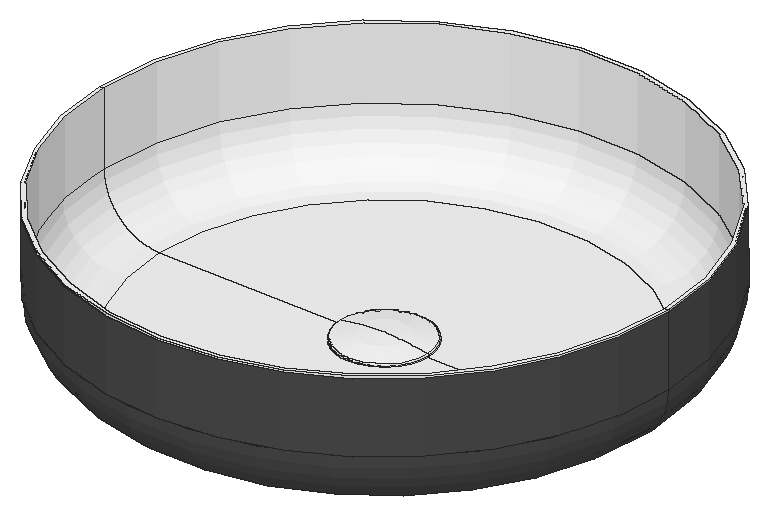
Revit family "Reece_Basin_Alape_Sondo_Above Counter Basin_450 mm", category Plumbing Fixtures, host Face, Revit 2018
Family settings
  Host = Face
  Round Connector Dimension = Use Diameter
  Part Type = Normal
  Cut with Voids When Loaded = No
  Shared = Yes
  Room Calculation Point = Yes
Parameters (values of type "15 L_Enamelled Glazed Steel_Bi-Colour")
  WFU = 0  # constant formula
  URL = "https://www.reece.com.au/product/-9508135"
  Type Comments = "Basin"
  Reece_Product_Web Page = "https://www.reece.com.au/product/-9508135"
  Reece_Product_Type = "Basin"  # constant formula
  Reece_Product_Sub Brand = "Sondo"  # constant formula
  Reece_Product_Number = "9508135"
  Reece_Product_Mount = "Above Counter Basin"
  Reece_Product_Description = "Alape Sondo Counter Basin 450mm Bi-Colour"
  Reece_Product_Brand = "Alape"  # constant formula
  Reece_Overall_Width = 450 mm  # constant formula
  Reece_Overall_Length = 450 mm  # constant formula
  Reece_Overall_Height = 119 mm  # constant formula
  Reece_Overall_Capacity = 15.00 L  # constant formula
  Reece_Material_Secondary = Reece_Metal_Steel Enamelled_Matte Black
  Reece_Material_Colour = Reece_Plastic_Black
  Reece_Material-Main = Reece_Metal_Steel Enamelled_White
  Reece_Detail_Installation = "Above Counter Basin"  # constant formula
  Reece_Detail_Disclaimer = "THIS FILE IS THE PROPERTY OF THE REECE GROUP. IT MAY NOT BE REPRODUCED, REVERSE-ENGINEERED OR MODIFIED. ANY REPUBLICATION, TRANSMISSION OR DISTRIBUTION FOR THE PURPOSE OF COMMERCIALLY EXPLOITING THE FILES IS PROHIBITED."  # constant formula
  Reece_Detail_Connector = "No Taphole"  # constant formula
  Reece_Detail_Additional = "No Overflow"  # constant formula
  Reece_Basin_Outlet = 32 mm  # constant formula
  Model = "Sondo"
  Manufacturer = "Alape"
  Keynote = "Product #9508135, Reece_Basin_Alape_Sondo_Above Counter Basin_450 mm - 15 L_Enamelled Glazed Steel_Bi-Colour"
  HWFU = 0  # constant formula
  Disclaimer = "THIS FILE IS THE PROPERTY OF THE REECE GROUP. IT MAY NOT BE REPRODUCED, REVERSE-ENGINEERED OR MODIFIED. ANY REPUBLICATION, TRANSMISSION OR DISTRIBUTION FOR THE PURPOSE OF COMMERCIALLY EXPLOITING THE FILES IS PROHIBITED."  # constant formula
  Description = "Alape Sondo Counter Basin 450mm Bi-Colour"
  Default Elevation = 1000 mm
  CWFU = 0  # constant formula
Types (4, lengths in mm): name | URL | Reece_Product_Web Page | Reece_Product_Number | Reece_Product_Description | Reece_Material_Secondary | Reece_Material_Colour | Reece_Material-Main | Keynote | Description
  (no name) | "https://www.reece.com.au/product/-9508135" | "https://www.reece.com.au/product/-9508135" | "9508135" | "Alape Sondo Counter Basin 450mm Bi-Colour" | Reece_Metal_Steel Enamelled_Matte Black | Reece_Plastic_Black | Reece_Metal_Steel Enamelled_White | "Product #9508135, Reece_Basin_Alape_Sondo_Above Counter Basin_450 mm -  " | "Alape Sondo Counter Basin 450mm Bi-Colour"
  15 L_Enamelled Glazed Steel_Bi-Colour | "https://www.reece.com.au/product/-9508135" | "https://www.reece.com.au/product/-9508135" | "9508135" | "Alape Sondo Counter Basin 450mm Bi-Colour" | Reece_Metal_Steel Enamelled_Matte Black | Reece_Plastic_Black | Reece_Metal_Steel Enamelled_White | "Product #9508135, Reece_Basin_Alape_Sondo_Above Counter Basin_450 mm - 15 L_Enamelled Glazed Steel_Bi-Colour" | "Alape Sondo Counter Basin 450mm Bi-Colour"
  15 L_Enamelled Glazed Steel_Dark Iron | "https://www.reece.com.au/product/-9508134" | "https://www.reece.com.au/product/-9508134" | "9508134" | "Alape Sondo Counter Basin 450mm Dark Iron" | Reece_Metal_Steel Enamelled_Dark Iron | Reece_Plastic_Black | Reece_Metal_Steel Enamelled_Dark Iron | "Product #9508134, Reece_Basin_Alape_Sondo_Above Counter Basin_450 mm - 15 L_Enamelled Glazed Steel_Dark Iron" | "Alape Sondo Counter Basin 450mm Dark Iron"
  15 L_Enamelled Glazed Steel_White | "https://www.reece.com.au/product/-9508133" | "https://www.reece.com.au/product/-9508133" | "9508133" | "Alape Sondo Counter Basin 450mm White" | Reece_Metal_Steel Enamelled_White | Reece_Plastic_White | Reece_Metal_Steel Enamelled_White | "Product #9508133, Reece_Basin_Alape_Sondo_Above Counter Basin_450 mm - 15 L_Enamelled Glazed Steel_White" | "Alape Sondo Counter Basin 450mm White"
Reference planes
  plane 1 "Center (Front/Back)": y = -79.125
  plane 2 "Bottom": z = 0
  plane 3 "Center (Left/Right)": x = 0
  plane 4: y = 145.875
  plane 5: x = 225
  plane 6: x = -225
  plane 7: y = -304.125
  plane 8: z = 11
  plane 9: z = 119
Forms (mm)
  Revolve 1, solid, material "Reece_Plastic_Black" <- "Reece_Material_Colour"
    sketch origin (0, -79.125, 0) x (1, 0, 0) y (0, 0, 1)
      loop
        line (-150, 0) -> (-33, 0) -> (-33, 15) -> (-150, 15) -> (-150, 0)
      axis (0, 15) -> (0, 0)
    angle from 0 to 360
  Extrusion 2, void
    sketch origin (0, 0, 0) x (1, 0, 0) y (0, 1, 0)
      loop
        circle (0, -79.125) r 22.5
    from -57.378 to 33.548
  Revolve 3, solid, material "Reece_Metal_Steel Enamelled_White" <- "Reece_Material-Main"
    sketch origin (0, -79.125, 24.581) x (1, 0, 0) y (0, 0, 1)
      loop
        line (0, -37.152) -> (0, -0.315)
        arc (0, -0.315) -> (-17.262, -1.109) -> (-34.312, -3.915) r 147.631
        arc (-34.312, -3.915) -> (-34.807, -4.224) -> (-35, -4.775) r 0.881
        line (-35, -4.775) -> (-35, -5.581) -> (-20, -5.581) -> (-20, -37.152) -> (0, -37.152)
      axis (0, -37.152) -> (0, -0.315)
    angle from 0 to 360
  Extrusion 4, void
    sketch origin (0, 0, 0) x (1, 0, 0) y (0, 1, 0)
      loop
        circle (0, -79.125) r 22.5
    from -111.439 to 28.7
  Revolve 5, solid, material "Reece_Metal_Steel Enamelled_Matte Black" <- "Reece_Material_Secondary"
    sketch origin (0, -79.125, 0) x (1, 0, 0) y (0, 0, 1)
      loop
        arc (-225, 62) -> (-211.234, 28.766) -> (-178, 15) r 47
        line (-178, 15) -> (-33, 15) -> (-33, 16.5) -> (-178, 16.5)
        arc (-178, 16.5) -> (-210.173, 29.827) -> (-223.5, 62) r 45.5
        line (-223.5, 62) -> (-223.5, 117.5) -> (-225, 117.5) -> (-225, 62)
      axis (0, 117.5) -> (0, 15)
    angle from 0 to 360
  Revolve 6, solid, material "Reece_Metal_Steel Enamelled_White" <- "Reece_Material-Main"
    sketch origin (0, -79.125, 0) x (1, 0, 0) y (0, 0, 1)
      loop
        line (-225, 117.5) -> (-223.5, 117.5) -> (-223.5, 62)
        arc (-223.5, 62) -> (-210.173, 29.827) -> (-178, 16.5) r 45.5
        line (-178, 16.5) -> (-33, 16.5) -> (-33, 18) -> (-178, 18)
        arc (-178, 18) -> (-209.113, 30.887) -> (-222, 62) r 44
        line (-222, 62) -> (-222, 119) -> (-225, 119) -> (-225, 117.5)
      axis (0, 119) -> (0, 16.5)
    angle from 0 to 360
Text (mm)
  text "Reece Copyright © 2018, Reece Ltd." at (-902.343, -740.328, 0), in view "Ref. Level"
  text "Reece ©" at (44.384, 258.95, 192.345), in view "Reece Preview"
Dimensions and locks
  equal spacing: plane 6, plane 3 "Center (Left/Right)", plane 5
  "Reece_Overall_Width": plane 6 to plane 5
  "Reece_Overall_Length": plane 4 to plane 7
  equal spacing: plane 4, plane 1 "Center (Front/Back)", plane 7
  "Reece_Overall_Height": plane 9 to plane 2 "Bottom"
  aligned and locked: host face to plane 2 "Bottom"
  aligned and locked: level to host face
Automatic sketch dimensions
  host sketch curve to host sketch curve = 801.051 mm
  host sketch curve to host sketch curve = 660.299 mm
  plane 1 "Center (Front/Back)" to Extrusion 2 sketch curve = 0 mm
  Extrusion 2 sketch curve to plane 3 "Center (Left/Right)" = 0 mm
  Revolve 3 sketch curve to plane 3 "Center (Left/Right)" = 0 mm  (x2)
  Revolve 3 sketch curve to plane 3 "Center (Left/Right)" = 1.858 mm
  plane 8 to Revolve 3 sketch curve = 8 mm
  Revolve 3 sketch curve to plane 3 "Center (Left/Right)" = 20 mm
  Revolve 3 sketch curve to Revolve 3 sketch curve = 14.119 mm
  Revolve 3 sketch curve to Revolve 3 sketch curve = 0.881 mm
  Revolve 3 sketch curve to level = 12.571 mm
  Revolve 3 sketch curve to Revolve 3 sketch curve = 110.783 mm
  Revolve 3 sketch curve to Revolve 3 sketch curve = 0.806 mm
  plane 8 to Revolve 3 sketch curve = 13.266 mm
  Revolve 3 sketch curve to plane 8 = 3.872 mm
  Revolve 3 sketch curve to Revolve 3 sketch curve = 2.138 mm
  plane 1 "Center (Front/Back)" to Extrusion 4 sketch curve = 0 mm
  Extrusion 4 sketch curve to plane 3 "Center (Left/Right)" = 0 mm
  Revolve 6 sketch curve to plane 3 "Center (Left/Right)" = 0 mm
  Revolve 6 sketch curve to plane 3 "Center (Left/Right)" = 33 mm
  Revolve 6 sketch curve to plane 6 = 47 mm
  Revolve 6 sketch curve to plane 6 = 3 mm
  plane 8 to Revolve 6 sketch curve = 5.5 mm
  Revolve 6 sketch curve to plane 9 = 0 mm
  Revolve 6 sketch curve to plane 8 = 11 mm
  Revolve 6 sketch curve to Revolve 6 sketch curve = 21.397 mm
  plane 9 to Revolve 6 sketch curve = 1.5 mm
  Revolve 6 sketch curve to Revolve 6 sketch curve = 1.5 mm  (x2)
  Revolve 6 sketch curve to Revolve 6 sketch curve = 0 mm  (x2)
  Revolve 5 sketch curve to Revolve 5 sketch curve = 0 mm  (x2)
  Revolve 5 sketch curve to plane 3 "Center (Left/Right)" = 0 mm
  Revolve 5 sketch curve to level = 0 mm
  plane 8 to Revolve 5 sketch curve = 4 mm
  Revolve 5 sketch curve to plane 3 "Center (Left/Right)" = 33 mm
  Revolve 5 sketch curve to plane 6 = 47 mm
  Revolve 5 sketch curve to Revolve 5 sketch curve = 1.5 mm
  plane 9 to Revolve 5 sketch curve = 1.5 mm
  plane 8 to Revolve 5 sketch curve = 10.397 mm
  Revolve 5 sketch curve to plane 6 = 1.5 mm
  Revolve 1 sketch curve to level = 0 mm  (x2)
  Revolve 1 sketch curve to plane 3 "Center (Left/Right)" = 0 mm
  plane 8 to Revolve 1 sketch curve = 4 mm
  Revolve 1 sketch curve to plane 3 "Center (Left/Right)" = 33 mm
  Revolve 1 sketch curve to plane 6 = 75 mm
  plane 8 to Revolve 1 sketch curve = 10.397 mm
  radius of Extrusion 2 sketch curve = 22.5 mm
  radius of Extrusion 4 sketch curve = 22.5 mm
Connectors
  piping at (0, -79.125, -12.571), diameter 32, driven by "Reece_Basin_Outlet"
    settings: on Revolve 3, index 1, connector inside diameter 609.6 mm, connector length 0 mm, flow factor 0, pipe flow 0.0 L/s, pressure drop 0.0 Pa, fitting loss kfactor 0, connector angle 0.00°, fixture units 0, engagement length 0 mm, angle of deflection 0.00°, flow configuration 0, flow direction 2, fitting loss method 0, system type 16, joint type 0, gender type 0, connector reference index -1, connector utility 0, adjustable connector no, is connector primary yes, connector description ""
